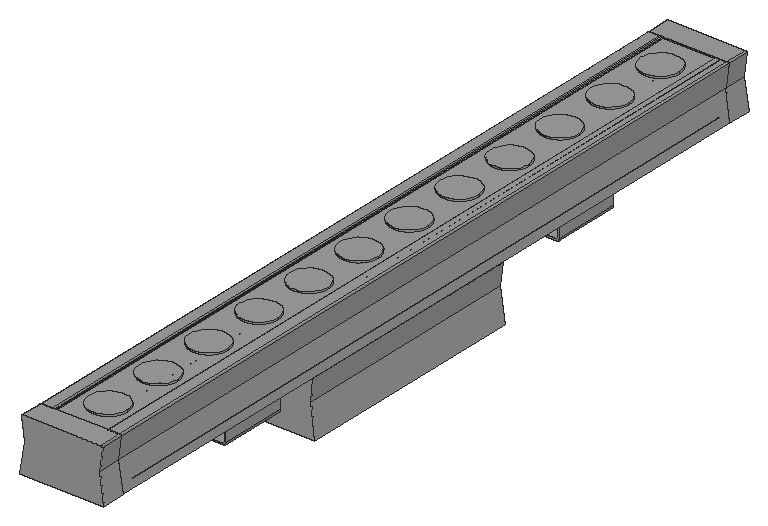
Revit family "SH-1395-40CM", category Lighting Fixtures, Revit 2017
Family settings
  Round Connector Dimension = Use Diameter
  Part Type = Normal
  OmniClass Number = 23.80.70.00
  OmniClass Title = Lighting
  Work Plane-Based = Yes
  Always vertical = No
  Cut with Voids When Loaded = No
  Light Source = No
  Shared = Yes
  Room Calculation Point = No
Parameters (values of type "Sh-1395-12W-40cm(anodized aluminum color-6000K-LED)")
  wattage = 12 W
  instalation = ""
  consumption current = 0.06 A
  color temperature = "6000K"
  color rendering index(CRI) = ""
  Width = 4.2414 cm
  Website = "www.shoaco.com"
  Voltage/Frequency = "230V/50HZ"
  URL = "https://www.shoaco.com/fa/product/%D9%BE%D8%B1%D9%88%DA%98%DA%A9%D8%AA%D9%88%D8%B1-%D9%87%D8%A7/532-%D9%88%D8%A7%D9%84-%D9%88%D8%A7%D8%B4%D8%B1-sh-1395-12LED.html"
  Type medule = "Power LED"
  Protection Class = "Class I"
  Model = "SH-1395-40cm"
  Manufacturer = "SHOA"
  Luminaire Vertical Angle [instance] = 0.00°
  Length = 42.3944 cm
  Lamp = "LED"
  IP = "IP65"
  Height = 7.2291 cm
  Flicker = "Free Flicker"
  Default Elevation = 121.92 cm
  Body color = Anodize color
  Body Material = "Aluminum"
  6000K = yes
  3000K = no
  2000K = no
Types (4, lengths in cm): name | color temperature | 6000K | 3000K | 2000K
  (no name) | "6000K" | yes | no | no
  Sh-1395-12W-40cm(anodized aluminum color-3000K-LED) | "3000K" | no | yes | no
  Sh-1395-12W-40cm(anodized aluminum color-2000K-LED) | "2000K" | no | no | yes
  Sh-1395-12W-40cm(anodized aluminum color-6000K-LED) | "6000K" | yes | no | no
Reference planes (cm)
  plane 1 "Light Source Axis (F/B)": y = 0
  plane 2: z = 0
  plane 3 "Light Source Axis (L/R)": x = 0
  plane 4 "Light Source Elevation": z = 137.16
  plane 5: x = 2.972
  plane 6: x = -1.2694
  plane 7: z = 7.2291
Forms (cm)
  Extrusion 1, solid, not visible
    sketch origin (58.7935, 36.7249, 0) x (1, 0, 0) y (0, 1, 0)
      loop
        line (31.2065, 29.2751) -> (-148.7935, 29.2751) -> (-148.7935, -100.7249) -> (31.2065, -100.7249) -> (31.2065, 29.2751)
    from -8 to 0
Dimensions and locks (cm)
  "Width": plane 6 to plane 5
  "Length": nested 2 to nested 2
  "Height": plane 7 to Extrusion 1
  aligned and locked: level to plane 2
  aligned and locked: level to Extrusion 1
Automatic sketch dimensions
  Extrusion 1 sketch curve to plane 3 "Light Source Axis (L/R)" = 90.0 cm
  plane 3 "Light Source Axis (L/R)" to Extrusion 1 sketch curve = 90.0 cm
  plane 1 "Light Source Axis (F/B)" to Extrusion 1 sketch curve = 64.0 cm
  Extrusion 1 sketch curve to plane 1 "Light Source Axis (F/B)" = 66.0 cm
Nested families (cm)
  nested 1: "1395-12w.ies" at (0.582, 28.1313, 8.1026) x (0, 0, -1) z (0, 1, 0), visible <- "2000K", type "1395-12w-2000K"
  nested 2: "1395-12w" at (0.8438, 30, 3.4063) x (-1, 0, 0) z (0, 0, 1), Body color <- "Body color", Luminaire Vertical Angle <- "Luminaire Vertical Angle", type "1395-12w"
    with Luminaire Vertical Angle 0.00°, Body color Anodize color
  nested 3: "1395-12w.ies" at (0.582, 24.9823, 8.0464) x (0, 0, -1) z (0, 1, 0), visible <- "2000K", type "1395-12w-2000K"
  nested 4: "1395-12w.ies" at (0.582, -8.106, 8.0468) x (0, 0, -1) z (0, 1, 0), visible <- "2000K", type "1395-12w-2000K"
  nested 5: "1395-12w.ies" at (0.582, -4.8839, 8.0575) x (0, 0, -1) z (0, 1, 0), visible <- "2000K", type "1395-12w-2000K"
  nested 6: "1395-12w.ies" at (0.582, -1.5245, 8.073) x (0, 0, -1) z (0, 1, 0), visible <- "2000K", type "1395-12w-2000K"
  nested 7: "1395-12w.ies" at (0.582, 1.6433, 8.056) x (0, 0, -1) z (0, 1, 0), visible <- "2000K", type "1395-12w-2000K"
  nested 8: "1395-12w.ies" at (0.582, 5.0027, 8.0663) x (0, 0, -1) z (0, 1, 0), visible <- "2000K", type "1395-12w-2000K"
  nested 9: "1395-12w.ies" at (0.582, 8.382, 8.0607) x (0, 0, -1) z (0, 1, 0), visible <- "2000K", type "1395-12w-2000K"
  nested 10: "1395-12w.ies" at (0.582, 11.6324, 8.0604) x (0, 0, -1) z (0, 1, 0), visible <- "2000K", type "1395-12w-2000K"
  nested 11: "1395-12w.ies" at (0.582, 14.8987, 8.0777) x (0, 0, -1) z (0, 1, 0), visible <- "2000K", type "1395-12w-2000K"
  nested 12: "1395-12w.ies" at (0.582, 18.2518, 8.0817) x (0, 0, -1) z (0, 1, 0), visible <- "2000K", type "1395-12w-2000K"
  nested 13: "1395-12w.ies" at (0.582, 21.5783, 8.1034) x (0, 0, -1) z (0, 1, 0), visible <- "2000K", type "1395-12w-2000K"
  nested 14: "1395-12w.ies" at (0.5766, 28.1454, 8.1019) x (0, 0, -1) z (0, 1, 0), visible <- "3000K", type "1395-12w-3000K"
  nested 15: "1395-12w.ies" at (0.5766, 24.9965, 8.0457) x (0, 0, -1) z (0, 1, 0), visible <- "3000K", type "1395-12w-3000K"
  nested 16: "1395-12w.ies" at (0.5766, -8.0918, 8.0461) x (0, 0, -1) z (0, 1, 0), visible <- "3000K", type "1395-12w-3000K"
  nested 17: "1395-12w.ies" at (0.5766, -4.8697, 8.0568) x (0, 0, -1) z (0, 1, 0), visible <- "3000K", type "1395-12w-3000K"
  nested 18: "1395-12w.ies" at (0.5766, -1.5103, 8.0723) x (0, 0, -1) z (0, 1, 0), visible <- "3000K", type "1395-12w-3000K"
  nested 19: "1395-12w.ies" at (0.5766, 1.6575, 8.0553) x (0, 0, -1) z (0, 1, 0), visible <- "3000K", type "1395-12w-3000K"
  nested 20: "1395-12w.ies" at (0.5766, 5.0169, 8.0656) x (0, 0, -1) z (0, 1, 0), visible <- "3000K", type "1395-12w-3000K"
  nested 21: "1395-12w.ies" at (0.5766, 8.3962, 8.06) x (0, 0, -1) z (0, 1, 0), visible <- "3000K", type "1395-12w-3000K"
  nested 22: "1395-12w.ies" at (0.5766, 11.6466, 8.0597) x (0, 0, -1) z (0, 1, 0), visible <- "3000K", type "1395-12w-3000K"
  nested 23: "1395-12w.ies" at (0.5766, 14.9129, 8.077) x (0, 0, -1) z (0, 1, 0), visible <- "3000K", type "1395-12w-3000K"
  nested 24: "1395-12w.ies" at (0.5766, 18.266, 8.081) x (0, 0, -1) z (0, 1, 0), visible <- "3000K", type "1395-12w-3000K"
  nested 25: "1395-12w.ies" at (0.5766, 21.5925, 8.1026) x (0, 0, -1) z (0, 1, 0), visible <- "3000K", type "1395-12w-3000K"
  nested 26: "1395-12w.ies" at (0.6035, 28.0726, 8.1281) x (0, 0, -1) z (0, 1, 0), type "1395-12w-6000K", not visible
  nested 27: "1395-12w.ies" at (0.6035, 24.9237, 8.0719) x (0, 0, -1) z (0, 1, 0), type "1395-12w-6000K", not visible
  nested 28: "1395-12w.ies" at (0.6035, -8.1646, 8.0723) x (0, 0, -1) z (0, 1, 0), type "1395-12w-6000K", not visible
  nested 29: "1395-12w.ies" at (0.6035, -4.9425, 8.083) x (0, 0, -1) z (0, 1, 0), type "1395-12w-6000K", not visible
  nested 30: "1395-12w.ies" at (0.6035, -1.5831, 8.0985) x (0, 0, -1) z (0, 1, 0), type "1395-12w-6000K", not visible
  nested 31: "1395-12w.ies" at (0.6035, 1.5847, 8.0815) x (0, 0, -1) z (0, 1, 0), type "1395-12w-6000K", not visible
  nested 32: "1395-12w.ies" at (0.6035, 4.9441, 8.0918) x (0, 0, -1) z (0, 1, 0), type "1395-12w-6000K", not visible
  nested 33: "1395-12w.ies" at (0.6035, 8.3234, 8.0863) x (0, 0, -1) z (0, 1, 0), type "1395-12w-6000K", not visible
  nested 34: "1395-12w.ies" at (0.6035, 11.5738, 8.0859) x (0, 0, -1) z (0, 1, 0), type "1395-12w-6000K", not visible
  nested 35: "1395-12w.ies" at (0.6035, 14.8401, 8.1032) x (0, 0, -1) z (0, 1, 0), type "1395-12w-6000K", not visible
  nested 36: "1395-12w.ies" at (0.6035, 18.1932, 8.1072) x (0, 0, -1) z (0, 1, 0), type "1395-12w-6000K", not visible
  nested 37: "1395-12w.ies" at (0.6035, 21.5197, 8.1289) x (0, 0, -1) z (0, 1, 0), visible <- "6000K", type "1395-12w-6000K"
Connectors (cm)
  electrical at (0.83, 8.9077, 1.3116)
    settings: on nested 2, index 1, voltage 230 V, apparent load 0 VA, apparent load phase1 0 VA, apparent load phase2 0 VA, apparent load phase3 0 VA, power factor 1, load classification "Other", number of poles 1, system type 31, power factor state 1, is connector primary yes, connector utility no, sub classification motor no, connector description ""
Definition of nested family "1395-12w"
  Parameters (values of type "Family1")
    Luminaire Vertical Angle [instance] = 0.00°
    Default Elevation = 121.92 cm
    Body color [instance] = none
  Reference planes (cm)
    plane 1 "Center (Front/Back)": y = 0
    plane 2: z = 0
    plane 3 "Center (Left/Right)": x = 0
  Forms (cm)
    Extrusion 1, solid, material <- "Body color"
      sketch origin (-0.0204, 0, 13.3841) x (0, 0, -1) y (1, 0, 0)
        loop
          line (12.4765, 1.9962) -> (12.4765, 2.2323) -> (10.9107, 2.0099) -> (9.7437, 2.1595)
          arc (9.7437, 2.1595) -> (9.6858, 2.1418) -> (9.6609, 2.0866) r 0.0735
          line (9.6609, 2.0866) -> (9.6609, 1.513)
          arc (9.6609, 1.513) -> (9.6764, 1.4756) -> (9.7139, 1.46) r 0.053
          line (9.7139, 1.46) -> (9.8113, 1.46)
          arc (9.8113, 1.46) -> (9.8539, 1.4777) -> (9.8715, 1.5203) r 0.0603
          line (9.8715, 1.5203) -> (9.8715, 1.607) -> (9.7725, 1.6689) -> (9.7868, 1.7588) -> (10.1865, 1.7588) -> (10.5087, 1.7588)
          arc (10.5087, 1.7588) -> (10.5461, 1.7433) -> (10.5615, 1.706) r 0.0528
          line (10.5615, 1.706) -> (10.5615, 1.5388) -> (10.4215, 1.5388) -> (10.4215, 1.4088) -> (11.7815, 1.4088) -> (11.7815, 1.5388) -> (11.9814, 1.5388)
          arc (11.9814, 1.5388) -> (12.0168, 1.5241) -> (12.0315, 1.4887) r 0.0501
          line (12.0315, 1.4887) -> (12.0315, 0.0388) -> (12.0315, -1.4111)
          arc (12.0315, -1.4111) -> (12.0168, -1.4465) -> (11.9814, -1.4612) r 0.0501
          line (11.9814, -1.4612) -> (11.7815, -1.4612) -> (11.7815, -1.3312) -> (10.4215, -1.3312) -> (10.4215, -1.4612) -> (10.5615, -1.4612) -> (10.5615, -1.6284)
          arc (10.5615, -1.6284) -> (10.5461, -1.6657) -> (10.5087, -1.6812) r 0.0528
          line (10.5087, -1.6812) -> (10.1865, -1.6812) -> (9.7868, -1.6812) -> (9.7725, -1.5913) -> (9.8715, -1.5294) -> (9.8715, -1.4427)
          arc (9.8715, -1.4427) -> (9.8539, -1.4001) -> (9.8113, -1.3824) r 0.0603
          line (9.8113, -1.3824) -> (9.7139, -1.3824)
          arc (9.7139, -1.3824) -> (9.6764, -1.398) -> (9.6609, -1.4355) r 0.053
          line (9.6609, -1.4355) -> (9.6609, -2.009)
          arc (9.6609, -2.009) -> (9.6858, -2.0642) -> (9.7437, -2.0819) r 0.0735
          line (9.7437, -2.0819) -> (10.9107, -1.9323) -> (12.4765, -2.1547) -> (12.4765, -1.9186) -> (12.1715, -1.8753) -> (12.1715, -1.776)
          arc (12.1715, -1.776) -> (12.13, -1.7225) -> (12.0678, -1.7493) r 0.0553
          arc (12.0678, -1.7493) -> (11.9466, -1.8033) -> (11.8616, -1.7014) r 0.11
          arc (11.8616, -1.7014) -> (11.9306, -1.5941) -> (12.0546, -1.6241) r 0.11
          arc (12.0546, -1.6241) -> (12.1282, -1.6428) -> (12.1715, -1.5804) r 0.0666
          line (12.1715, -1.5804) -> (12.1715, -1.4395)
          arc (12.1715, -1.4395) -> (12.1886, -1.3983) -> (12.2298, -1.3812) r 0.0583
          line (12.2298, -1.3812) -> (12.319, -1.3812)
          arc (12.319, -1.3812) -> (12.3567, -1.3968) -> (12.3722, -1.4344) r 0.0532
          line (12.3722, -1.4344) -> (12.3722, -1.5588)
          arc (12.3722, -1.5588) -> (12.4233, -1.6099) -> (12.4744, -1.5588) r 0.0511
          line (12.4744, -1.5588) -> (12.4744, -1.2028)
          arc (12.4744, -1.2028) -> (12.4593, -1.1663) -> (12.4229, -1.1512) r 0.0516
          line (12.4229, -1.1512) -> (12.2115, -1.1512)
          arc (12.2115, -1.1512) -> (12.1515, -1.0912) -> (12.2115, -1.0312) r 0.06
          line (12.2115, -1.0312) -> (12.4303, -1.0312)
          arc (12.4303, -1.0312) -> (12.4753, -0.9862) -> (12.4303, -0.9412) r 0.045
          line (12.4303, -0.9412) -> (12.2115, -0.9412)
          arc (12.2115, -0.9412) -> (12.1515, -0.8812) -> (12.2115, -0.8212) r 0.06
          line (12.2115, -0.8212) -> (12.4381, -0.8212)
          arc (12.4381, -0.8212) -> (12.4831, -0.7762) -> (12.4381, -0.7312) r 0.045
          line (12.4381, -0.7312) -> (12.2115, -0.7312)
          arc (12.2115, -0.7312) -> (12.1515, -0.6712) -> (12.2115, -0.6112) r 0.06
          line (12.2115, -0.6112) -> (12.4303, -0.6112)
          arc (12.4303, -0.6112) -> (12.4753, -0.5662) -> (12.4303, -0.5212) r 0.045
          line (12.4303, -0.5212) -> (12.2115, -0.5212)
          arc (12.2115, -0.5212) -> (12.1515, -0.4612) -> (12.2115, -0.4012) r 0.06
          line (12.2115, -0.4012) -> (12.4217, -0.4012)
          arc (12.4217, -0.4012) -> (12.4585, -0.386) -> (12.4737, -0.3492) r 0.052
          line (12.4737, -0.3492) -> (12.4737, 0.0388) -> (12.4737, 0.4268)
          arc (12.4737, 0.4268) -> (12.4585, 0.4636) -> (12.4217, 0.4788) r 0.052
          line (12.4217, 0.4788) -> (12.2115, 0.4788)
          arc (12.2115, 0.4788) -> (12.1515, 0.5388) -> (12.2115, 0.5988) r 0.06
          line (12.2115, 0.5988) -> (12.4381, 0.5988)
          arc (12.4381, 0.5988) -> (12.4831, 0.6438) -> (12.4381, 0.6888) r 0.045
          line (12.4381, 0.6888) -> (12.2115, 0.6888)
          arc (12.2115, 0.6888) -> (12.1515, 0.7488) -> (12.2115, 0.8088) r 0.06
          line (12.2115, 0.8088) -> (12.4303, 0.8088)
          arc (12.4303, 0.8088) -> (12.4753, 0.8538) -> (12.4303, 0.8988) r 0.045
          line (12.4303, 0.8988) -> (12.2115, 0.8988)
          arc (12.2115, 0.8988) -> (12.1515, 0.9588) -> (12.2115, 1.0188) r 0.06
          line (12.2115, 1.0188) -> (12.4381, 1.0188)
          arc (12.4381, 1.0188) -> (12.4831, 1.0638) -> (12.4381, 1.1088) r 0.045
          line (12.4381, 1.1088) -> (12.2115, 1.1088)
          arc (12.2115, 1.1088) -> (12.1515, 1.1688) -> (12.2115, 1.2288) r 0.06
          line (12.2115, 1.2288) -> (12.4229, 1.2288)
          arc (12.4229, 1.2288) -> (12.4593, 1.2439) -> (12.4744, 1.2804) r 0.0516
          line (12.4744, 1.2804) -> (12.4744, 1.6364)
          arc (12.4744, 1.6364) -> (12.4233, 1.6875) -> (12.3722, 1.6364) r 0.0511
          line (12.3722, 1.6364) -> (12.3722, 1.512)
          arc (12.3722, 1.512) -> (12.3567, 1.4744) -> (12.319, 1.4588) r 0.0532
          line (12.319, 1.4588) -> (12.2298, 1.4588)
          arc (12.2298, 1.4588) -> (12.1886, 1.4759) -> (12.1715, 1.5171) r 0.0583
          line (12.1715, 1.5171) -> (12.1715, 1.658)
          arc (12.1715, 1.658) -> (12.1282, 1.7204) -> (12.0546, 1.7017) r 0.0666
          arc (12.0546, 1.7017) -> (11.9306, 1.6717) -> (11.8616, 1.779) r 0.11
          arc (11.8616, 1.779) -> (11.9466, 1.8809) -> (12.0678, 1.8269) r 0.11
          arc (12.0678, 1.8269) -> (12.13, 1.8001) -> (12.1715, 1.8536) r 0.0553
          line (12.1715, 1.8536) -> (12.1715, 1.9529) -> (12.4821, 1.997)
      from -39.9656 to 0
    Extrusion 2, solid, material <- "Body color"
      sketch origin (-0.0204, 0, 13.3841) x (0, 0, -1) y (1, 0, 0)
        loop
          line (10.4215, -1.4612) -> (10.4215, 1.5388) -> (10.3304, 1.5388) -> (10.3304, -1.4612) -> (10.4215, -1.4612)
      from 0 to -39.9656
    Extrusion 3, solid, material <- "Body color"
      sketch origin (-0.0204, 0, 13.3841) x (0, 0, -1) y (1, 0, 0)
        loop
          arc (9.7437, 2.1558) -> (9.6858, 2.138) -> (9.6609, 2.0828) r 0.0735
          line (9.6609, 2.0828) -> (9.6609, -2.0087)
          arc (9.6609, -2.0087) -> (9.6858, -2.0639) -> (9.7437, -2.0817) r 0.0735
          line (9.7437, -2.0817) -> (10.8963, -1.9339) -> (12.4833, -2.1593) -> (12.4833, 2.2277) -> (10.9173, 2.0053) -> (9.7437, 2.1558)
      from 0 to 1.2046
    Extrusion 4, solid, material <- "Body color"
      sketch origin (-0.0204, 0, 13.3841) x (0, 0, -1) y (1, 0, 0)
        loop
          line (9.6609, 2.0866) -> (9.6609, -2.009)
          arc (9.6609, -2.009) -> (9.6858, -2.0642) -> (9.7437, -2.0819) r 0.0735
          line (9.7437, -2.0819) -> (10.9107, -1.9323) -> (12.4833, -2.1557) -> (12.4833, 2.2333) -> (10.9107, 2.0099) -> (9.7437, 2.1595)
          arc (9.7437, 2.1595) -> (9.6858, 2.1418) -> (9.6609, 2.0866) r 0.0735
      from -41.1898 to -39.9656
    Extrusion 5, solid, material <- "Body color"
      sketch origin (-0.0204, 0, 13.3841) x (0, 0, -1) y (1, 0, 0)
        loop
          line (9.7139, 1.46) -> (9.7139, -1.3824) -> (9.8113, -1.3824) -> (9.8113, 1.46) -> (9.7139, 1.46)
      from 0 to -39.9656
    Extrusion 6, solid
      sketch origin (-2.0817, 30.2045, 3.7232) x (1, 0, 0) y (0, 1, 0)
        loop
          circle (2.0475, 8.0119) r 1
      from -0.3052 to 0.0069
    Extrusion 7, solid
      sketch origin (-2.0817, 26.9056, 3.7232) x (1, 0, 0) y (0, 1, 0)
        loop
          circle (2.0475, 8.0119) r 1
      from -0.3052 to 0.0069
    Extrusion 8, solid
      sketch origin (-2.0817, 23.6027, 3.7232) x (1, 0, 0) y (0, 1, 0)
        loop
          circle (2.0475, 8.0119) r 1
      from -0.3052 to 0.0069
    Extrusion 9, solid
      sketch origin (-2.0817, 20.3025, 3.7232) x (1, 0, 0) y (0, 1, 0)
        loop
          circle (2.0475, 8.0119) r 1
      from -0.3052 to 0.0069
    Extrusion 10, solid
      sketch origin (-2.0817, 17.0043, 3.7232) x (1, 0, 0) y (0, 1, 0)
        loop
          circle (2.0475, 8.0119) r 1
      from -0.3052 to 0.0069
    Extrusion 11, solid
      sketch origin (-2.0817, 13.7061, 3.7232) x (1, 0, 0) y (0, 1, 0)
        loop
          circle (2.0475, 8.0119) r 1
      from -0.3052 to 0.0069
    Extrusion 12, solid
      sketch origin (-2.0817, 10.4041, 3.7232) x (1, 0, 0) y (0, 1, 0)
        loop
          circle (2.0475, 8.0119) r 1
      from -0.3052 to 0.0069
    Extrusion 13, solid
      sketch origin (-2.0817, 7.1039, 3.7232) x (1, 0, 0) y (0, 1, 0)
        loop
          circle (2.0475, 8.0119) r 1
      from -0.3052 to 0.0069
    Extrusion 14, solid
      sketch origin (-2.0817, 3.8038, 3.7232) x (1, 0, 0) y (0, 1, 0)
        loop
          circle (2.0475, 8.0119) r 1
      from -0.3052 to 0.0069
    Extrusion 15, solid
      sketch origin (-2.0817, 0.5037, 3.7232) x (1, 0, 0) y (0, 1, 0)
        loop
          circle (2.0475, 8.0119) r 1
      from -0.3052 to 0.0069
    Extrusion 16, solid
      sketch origin (-2.0817, -2.7995, 3.7232) x (1, 0, 0) y (0, 1, 0)
        loop
          circle (2.0475, 8.0119) r 1
      from -0.3052 to 0.0069
    Extrusion 17, solid
      sketch origin (-2.0817, -6.1002, 3.7232) x (1, 0, 0) y (0, 1, 0)
        loop
          circle (2.0475, 8.0119) r 1
      from -0.3052 to 0.0069
    Extrusion 18, solid, material <- "Body color"
      sketch origin (0.0108, 0, 13.0403) x (0, 0, -1) y (1, 0, 0)
        loop
          line (11.9766, -1.5373) -> (11.8966, -1.5373) -> (11.8966, -1.7172)
          arc (11.8966, -1.7172) -> (11.9352, -1.8104) -> (12.0284, -1.849) r 0.1318
          line (12.0284, -1.849) -> (12.9924, -1.849)
          arc (12.9924, -1.849) -> (13.0854, -1.8105) -> (13.1239, -1.7175) r 0.1315
          line (13.1239, -1.7175) -> (13.1239, -0.2396)
          arc (13.1239, -0.2396) -> (13.2737, -0.1536) -> (13.3555, -0.0016) r 0.3148
          arc (13.3555, -0.0016) -> (13.2737, 0.1504) -> (13.1239, 0.2364) r 0.3148
          line (13.1239, 0.2364) -> (13.1239, 1.6752)
          arc (13.1239, 1.6752) -> (13.0854, 1.7682) -> (12.9924, 1.8067) r 0.1315
          line (12.9924, 1.8067) -> (12.0284, 1.8067)
          arc (12.0284, 1.8067) -> (11.9352, 1.7681) -> (11.8966, 1.6749) r 0.1318
          line (11.8966, 1.6749) -> (11.8966, 1.5373) -> (11.9766, 1.5373) -> (11.9766, 1.6749)
          arc (11.9766, 1.6749) -> (11.9918, 1.7115) -> (12.0284, 1.7267) r 0.0518
          line (12.0284, 1.7267) -> (12.9924, 1.7267)
          arc (12.9924, 1.7267) -> (13.0289, 1.7116) -> (13.0439, 1.6752) r 0.0515
          line (13.0439, 1.6752) -> (13.0439, 0.2207)
          arc (13.0439, 0.2207) -> (13.0577, 0.1823) -> (13.0928, 0.1614) r 0.0604
          arc (13.0928, 0.1614) -> (13.2056, 0.105) -> (13.2729, -0.0016) r 0.2348
          arc (13.2729, -0.0016) -> (13.2056, -0.1082) -> (13.0928, -0.1646) r 0.2348
          arc (13.0928, -0.1646) -> (13.0577, -0.1855) -> (13.0439, -0.2239) r 0.0604
          line (13.0439, -0.2239) -> (13.0439, -1.7175)
          arc (13.0439, -1.7175) -> (13.0289, -1.754) -> (12.9924, -1.769) r 0.0515
          line (12.9924, -1.769) -> (12.0284, -1.769)
          arc (12.0284, -1.769) -> (11.9918, -1.7539) -> (11.9766, -1.7172) r 0.0518
          line (11.9766, -1.7172) -> (11.9766, -1.5373)
      from -10.7884 to -7.2801
    Extrusion 19, solid, material <- "Body color"
      sketch origin (0.0108, 0, 13.0403) x (0, 0, -1) y (1, 0, 0)
        loop
          line (11.9766, -1.5373) -> (11.8966, -1.5373) -> (11.8966, -1.7172)
          arc (11.8966, -1.7172) -> (11.9352, -1.8104) -> (12.0284, -1.849) r 0.1318
          line (12.0284, -1.849) -> (12.9947, -1.849)
          arc (12.9947, -1.849) -> (13.0877, -1.8105) -> (13.1262, -1.7175) r 0.1315
          line (13.1262, -1.7175) -> (13.1262, -0.238)
          arc (13.1262, -0.238) -> (13.276, -0.152) -> (13.3578, 0) r 0.3148
          arc (13.3578, 0) -> (13.276, 0.152) -> (13.1262, 0.238) r 0.3148
          line (13.1262, 0.238) -> (13.1262, 1.6752)
          arc (13.1262, 1.6752) -> (13.0877, 1.7682) -> (12.9947, 1.8067) r 0.1315
          line (12.9947, 1.8067) -> (12.0284, 1.8067)
          arc (12.0284, 1.8067) -> (11.9352, 1.7681) -> (11.8966, 1.6749) r 0.1318
          line (11.8966, 1.6749) -> (11.8966, 1.5373) -> (11.9766, 1.5373) -> (11.9766, 1.6749)
          arc (11.9766, 1.6749) -> (11.9918, 1.7115) -> (12.0284, 1.7267) r 0.0518
          line (12.0284, 1.7267) -> (12.9947, 1.7267)
          arc (12.9947, 1.7267) -> (13.0312, 1.7116) -> (13.0462, 1.6752) r 0.0515
          line (13.0462, 1.6752) -> (13.0462, 0.2223)
          arc (13.0462, 0.2223) -> (13.06, 0.1839) -> (13.0951, 0.163) r 0.0604
          arc (13.0951, 0.163) -> (13.2079, 0.1066) -> (13.2752, 0) r 0.2348
          arc (13.2752, 0) -> (13.2079, -0.1066) -> (13.0951, -0.163) r 0.2348
          arc (13.0951, -0.163) -> (13.06, -0.1839) -> (13.0462, -0.2223) r 0.0604
          line (13.0462, -0.2223) -> (13.0462, -1.7175)
          arc (13.0462, -1.7175) -> (13.0312, -1.754) -> (12.9947, -1.769) r 0.0515
          line (12.9947, -1.769) -> (12.0284, -1.769)
          arc (12.0284, -1.769) -> (11.9918, -1.7539) -> (11.9766, -1.7172) r 0.0518
          line (11.9766, -1.7172) -> (11.9766, -1.5373)
      from -32.7269 to -29.1816
    Extrusion 20, solid, not visible
      sketch origin (0, 0, 0) x (1, 0, 0) y (0, 1, 0)
        loop
          line (50, 70.5415) -> (-50, 70.5415) -> (-50, -41.4585) -> (50, -41.4585) -> (50, 70.5415)
      from 0 to -7.867
    Extrusion 21, solid, material <- "Body color"
      sketch origin (0.0108, 0, 12.4153) x (0, 0, -1) y (1, 0, 0)
        loop
          line (11.5049, 2.0516) -> (11.5049, -2.04)
          arc (11.5049, -2.04) -> (11.5299, -2.0952) -> (11.5878, -2.1129) r 0.0735
          line (11.5878, -2.1129) -> (12.7404, -1.9651) -> (14.5099, -2.2165) -> (14.5099, 2.2224) -> (12.7614, 1.974) -> (11.5878, 2.1245)
          arc (11.5878, 2.1245) -> (11.5299, 2.1068) -> (11.5049, 2.0516) r 0.0735
      from -27.3194 to -14.8652
  Lines and regions (cm)
    reference lines
      curve 1: line (12.515, 0, 0) -> (0, 0, 0)
  Dimensions and locks (cm)
    Extrusion 19 to Extrusion 18 sketch curve = 1.4589 cm
    "Luminaire Vertical Angle": angle level to curve 1
    aligned and locked: plane 2 to level
    aligned and locked: plane 2 to curve 1
    aligned and locked: level to Extrusion 20
    aligned and locked: plane 2 to Extrusion 20
  Automatic sketch dimensions
    Extrusion 20 sketch curve to plane 3 "Center (Left/Right)" = 50.0 cm
    plane 3 "Center (Left/Right)" to Extrusion 20 sketch curve = 50.0 cm
    plane 1 "Center (Front/Back)" to Extrusion 20 sketch curve = 41.4585 cm
    Extrusion 20 sketch curve to plane 1 "Center (Front/Back)" = 70.5415 cm
    Extrusion 1 sketch curve to Extrusion 1 sketch curve = 0.0 cm  (x12)
    Extrusion 1 sketch curve to curve 1 = 3.7232 cm
    curve 1 to Extrusion 1 sketch curve = 3.7232 cm
    Extrusion 1 sketch curve to Extrusion 1 sketch curve = 0.053 cm  (x2)
    Extrusion 1 sketch curve to Extrusion 1 sketch curve = 0.0735 cm  (x2)
    Extrusion 1 sketch curve to Extrusion 1 sketch curve = 0.0093 cm  (x2)
    Extrusion 1 sketch curve to Extrusion 1 sketch curve = 0.0587 cm  (x2)
    Extrusion 1 sketch curve to Extrusion 1 sketch curve = 0.0142 cm  (x2)
    Extrusion 1 sketch curve to Extrusion 1 sketch curve = 0.0974 cm  (x2)
    Extrusion 1 sketch curve to Extrusion 1 sketch curve = 0.0603 cm  (x2)
    Extrusion 1 sketch curve to Extrusion 1 sketch curve = 0.315 cm  (x2)
    Extrusion 1 sketch curve to Extrusion 1 sketch curve = 0.235 cm  (x2)
    Extrusion 1 sketch curve to Extrusion 1 sketch curve = 0.0872 cm  (x2)
    Extrusion 1 sketch curve to Extrusion 1 sketch curve = 0.14 cm  (x2)
    Extrusion 1 sketch curve to Extrusion 1 sketch curve = 0.0528 cm
    Extrusion 1 sketch curve to Extrusion 1 sketch curve = 0.3492 cm  (x2)
    curve 1 to Extrusion 1 sketch curve = 1.6026 cm
    Extrusion 1 sketch curve to curve 1 = 1.6026 cm
    Extrusion 1 sketch curve to Extrusion 1 sketch curve = 0.19 cm  (x2)
    Extrusion 1 sketch curve to Extrusion 1 sketch curve = 0.1999 cm  (x2)
    Extrusion 1 sketch curve to Extrusion 1 sketch curve = 0.0501 cm
    Extrusion 1 sketch curve to Extrusion 1 sketch curve = 0.1235 cm  (x2)
    Extrusion 1 sketch curve to Extrusion 1 sketch curve = 0.1447 cm  (x2)
    Extrusion 1 sketch curve to Extrusion 1 sketch curve = 0.0666 cm
    Extrusion 1 sketch curve to Extrusion 1 sketch curve = 0.0553 cm  (x2)
    Extrusion 1 sketch curve to curve 1 = 1.1726 cm  (x2)
    Extrusion 1 sketch curve to Extrusion 1 sketch curve = 0.04 cm
    Extrusion 1 sketch curve to Extrusion 1 sketch curve = 0.0583 cm  (x2)
    Extrusion 1 sketch curve to Extrusion 1 sketch curve = 0.0892 cm  (x2)
    Extrusion 1 sketch curve to Extrusion 1 sketch curve = 0.0532 cm  (x2)
    curve 1 to Extrusion 1 sketch curve = 0.9624 cm  (x2)
    curve 1 to Extrusion 1 sketch curve = 0.9612 cm  (x2)
    Extrusion 1 sketch curve to Extrusion 1 sketch curve = 0.0511 cm  (x2)
    Extrusion 1 sketch curve to Extrusion 1 sketch curve = 0.0086 cm
    Extrusion 1 sketch curve to curve 1 = 0.9538 cm
    curve 1 to Extrusion 1 sketch curve = 0.9538 cm
    Extrusion 1 sketch curve to curve 1 = 0.946 cm
    Extrusion 1 sketch curve to Extrusion 1 sketch curve = 0.0078 cm
    curve 1 to Extrusion 1 sketch curve = 0.946 cm
    curve 1 to Extrusion 1 sketch curve = 0.9104 cm
    curve 1 to Extrusion 1 sketch curve = 0.9076 cm  (x2)
    Extrusion 1 sketch curve to curve 1 = 2.1751 cm
    Extrusion 1 sketch curve to curve 1 = 2.1023 cm
    Extrusion 1 sketch curve to curve 1 = 1.9527 cm
    Extrusion 1 sketch curve to Extrusion 1 sketch curve = 0.236 cm  (x2)
    Extrusion 1 sketch curve to Extrusion 1 sketch curve = 0.0433 cm
    Extrusion 1 sketch curve to Extrusion 1 sketch curve = 0.0993 cm  (x2)
    Extrusion 1 sketch curve to Extrusion 1 sketch curve = 0.0798 cm
    Extrusion 1 sketch curve to Extrusion 1 sketch curve = 0.3278 cm  (x2)
    Extrusion 1 sketch curve to Extrusion 1 sketch curve = 0.0899 cm
    Extrusion 1 sketch curve to Extrusion 1 sketch curve = 0.1956 cm
    Extrusion 1 sketch curve to Extrusion 1 sketch curve = 0.0216 cm
    Extrusion 1 sketch curve to Extrusion 1 sketch curve = 0.0618 cm  (x2)
    Extrusion 1 sketch curve to Extrusion 1 sketch curve = 0.1672 cm  (x2)
    Extrusion 1 sketch curve to Extrusion 1 sketch curve = 0.1192 cm
    Extrusion 1 sketch curve to Extrusion 1 sketch curve = 0.0867 cm  (x2)
    Extrusion 1 sketch curve to Extrusion 1 sketch curve = 0.1409 cm  (x2)
    Extrusion 1 sketch curve to Extrusion 1 sketch curve = 0.13 cm  (x2)
    Extrusion 1 sketch curve to Extrusion 1 sketch curve = 0.1784 cm  (x2)
    Extrusion 1 sketch curve to Extrusion 1 sketch curve = 0.06 cm  (x7)
    Extrusion 1 sketch curve to Extrusion 1 sketch curve = 0.045 cm  (x6)
    Extrusion 1 sketch curve to curve 1 = 0.9016 cm
    Extrusion 1 sketch curve to Extrusion 1 sketch curve = 0.388 cm  (x2)
    Extrusion 1 sketch curve to Extrusion 1 sketch curve = 0.18 cm
    Extrusion 1 sketch curve to Extrusion 1 sketch curve = 0.0512 cm
    Extrusion 1 sketch curve to Extrusion 1 sketch curve = 0.0284 cm
    Extrusion 1 sketch curve to Extrusion 1 sketch curve = 0.1244 cm
    Extrusion 1 sketch curve to Extrusion 1 sketch curve = 0.1158 cm
    Extrusion 1 sketch curve to Extrusion 1 sketch curve = 0.1519 cm
    Extrusion 1 sketch curve to Extrusion 1 sketch curve = 0.3039 cm
    Extrusion 1 sketch curve to Extrusion 1 sketch curve = 0.2794 cm
    Extrusion 1 sketch curve to Extrusion 1 sketch curve = 0.1099 cm  (x2)
    Extrusion 1 sketch curve to Extrusion 1 sketch curve = 0.0056 cm
    Extrusion 2 sketch curve to curve 1 = 3.0537 cm
    Extrusion 2 sketch curve to Extrusion 2 sketch curve = 0.0911 cm
    Extrusion 2 sketch curve to curve 1 = 1.4816 cm
    curve 1 to Extrusion 2 sketch curve = 1.5184 cm
    Extrusion 3 sketch curve to curve 1 = 3.7232 cm
    Extrusion 3 sketch curve to Extrusion 3 sketch curve = 0.0735 cm  (x2)
    Extrusion 3 sketch curve to Extrusion 3 sketch curve = 0.0093 cm  (x2)
    Extrusion 3 sketch curve to curve 1 = 2.4877 cm
    Extrusion 3 sketch curve to Extrusion 3 sketch curve = 1.1736 cm
    curve 1 to Extrusion 3 sketch curve = 0.9008 cm
    Extrusion 3 sketch curve to curve 1 = 2.1797 cm
    Extrusion 3 sketch curve to curve 1 = 2.1021 cm
    Extrusion 3 sketch curve to curve 1 = 1.9543 cm
    curve 1 to Extrusion 3 sketch curve = 1.9849 cm
    Extrusion 3 sketch curve to Extrusion 3 sketch curve = 0.0775 cm
    Extrusion 3 sketch curve to Extrusion 3 sketch curve = 0.2224 cm
    Extrusion 4 sketch curve to curve 1 = 3.7232 cm
    Extrusion 4 sketch curve to Extrusion 4 sketch curve = 0.0735 cm  (x2)
    Extrusion 4 sketch curve to Extrusion 4 sketch curve = 0.0093 cm  (x2)
    Extrusion 4 sketch curve to Extrusion 4 sketch curve = 1.1669 cm
    Extrusion 4 sketch curve to curve 1 = 2.4734 cm
    curve 1 to Extrusion 4 sketch curve = 0.9008 cm
    Extrusion 4 sketch curve to curve 1 = 2.1761 cm
    Extrusion 4 sketch curve to curve 1 = 2.1023 cm
    Extrusion 4 sketch curve to curve 1 = 1.9527 cm
    curve 1 to Extrusion 4 sketch curve = 1.9894 cm
    Extrusion 4 sketch curve to Extrusion 4 sketch curve = 0.0767 cm
    Extrusion 4 sketch curve to Extrusion 4 sketch curve = 0.2234 cm
    Extrusion 5 sketch curve to curve 1 = 3.6702 cm
    Extrusion 5 sketch curve to Extrusion 5 sketch curve = 0.0974 cm
    Extrusion 5 sketch curve to curve 1 = 1.4029 cm
    curve 1 to Extrusion 5 sketch curve = 1.4396 cm
    Extrusion 3 to Extrusion 6 sketch curve = 1.995 cm
    Extrusion 6 sketch curve to Extrusion 3 = 38.2164 cm
    Extrusion 3 to Extrusion 7 sketch curve = 1.995 cm
    Extrusion 7 sketch curve to Extrusion 3 = 34.9175 cm
    Extrusion 3 to Extrusion 8 sketch curve = 1.995 cm
    Extrusion 8 sketch curve to Extrusion 3 = 31.6145 cm
    Extrusion 3 to Extrusion 9 sketch curve = 1.995 cm
    Extrusion 9 sketch curve to Extrusion 3 = 28.3143 cm
    Extrusion 3 to Extrusion 10 sketch curve = 1.995 cm
    Extrusion 10 sketch curve to Extrusion 3 = 25.0162 cm
    Extrusion 3 to Extrusion 11 sketch curve = 1.995 cm
    Extrusion 11 sketch curve to Extrusion 3 = 21.718 cm
    Extrusion 3 to Extrusion 12 sketch curve = 1.995 cm
    Extrusion 12 sketch curve to Extrusion 3 = 18.4159 cm
    Extrusion 3 to Extrusion 13 sketch curve = 1.995 cm
    Extrusion 13 sketch curve to Extrusion 3 = 15.1158 cm
    Extrusion 3 to Extrusion 14 sketch curve = 1.995 cm
    Extrusion 14 sketch curve to Extrusion 3 = 11.8157 cm
    Extrusion 3 to Extrusion 15 sketch curve = 1.995 cm
    Extrusion 15 sketch curve to Extrusion 3 = 8.5155 cm
    Extrusion 3 to Extrusion 16 sketch curve = 1.995 cm
    Extrusion 16 sketch curve to Extrusion 3 = 5.2124 cm
    Extrusion 3 to Extrusion 17 sketch curve = 1.995 cm
    Extrusion 17 sketch curve to Extrusion 3 = 1.9117 cm
    Extrusion 18 sketch curve to Extrusion 18 sketch curve = 0.0 cm  (x14)
    Extrusion 18 sketch curve to Extrusion 18 sketch curve = 0.2316 cm  (x2)
    Extrusion 18 sketch curve to Extrusion 18 sketch curve = 0.0196 cm  (x2)
    Extrusion 18 sketch curve to Extrusion 18 sketch curve = 0.0564 cm
    Extrusion 18 sketch curve to Extrusion 18 sketch curve = 0.0604 cm  (x2)
    Extrusion 18 sketch curve to Extrusion 18 sketch curve = 0.0515 cm  (x2)
    curve 1 to Extrusion 18 sketch curve = 1.0119 cm  (x2)
    Extrusion 18 sketch curve to Extrusion 18 sketch curve = 0.0518 cm  (x2)
    Extrusion 18 sketch curve to curve 1 = 1.8382 cm
    Extrusion 18 sketch curve to Extrusion 18 sketch curve = 0.18 cm
    Extrusion 18 sketch curve to curve 1 = 0.2288 cm
    Extrusion 18 sketch curve to Extrusion 18 sketch curve = 0.0157 cm  (x2)
    Extrusion 18 sketch curve to Extrusion 18 sketch curve = 0.1548 cm
    Extrusion 18 sketch curve to Extrusion 18 sketch curve = 0.135 cm
    Extrusion 18 sketch curve to Extrusion 18 sketch curve = 1.3166 cm
    Extrusion 18 sketch curve to Extrusion 18 sketch curve = 0.1376 cm
    Extrusion 18 sketch curve to Extrusion 18 sketch curve = 0.0826 cm
    Extrusion 19 sketch curve to Extrusion 19 sketch curve = 0.0 cm  (x15)
    curve 1 to Extrusion 19 sketch curve = 1.1437 cm  (x2)
    Extrusion 19 sketch curve to Extrusion 19 sketch curve = 0.08 cm  (x2)
    Extrusion 19 sketch curve to Extrusion 19 sketch curve = 0.0518 cm  (x2)
    curve 1 to Extrusion 19 sketch curve = 0.0456 cm  (x2)
    Extrusion 19 sketch curve to Extrusion 19 sketch curve = 0.0515 cm  (x2)
    Extrusion 19 sketch curve to Extrusion 19 sketch curve = 0.0041 cm
    Extrusion 19 sketch curve to Extrusion 19 sketch curve = 0.0196 cm  (x2)
    Extrusion 19 sketch curve to curve 1 = 1.8382 cm
    Extrusion 19 sketch curve to Extrusion 19 sketch curve = 0.18 cm
    Extrusion 19 sketch curve to curve 1 = 0.2272 cm
    Extrusion 19 sketch curve to Extrusion 19 sketch curve = 0.0157 cm  (x2)
    Extrusion 19 sketch curve to Extrusion 19 sketch curve = 0.1548 cm  (x2)
    Extrusion 19 sketch curve to Extrusion 19 sketch curve = 0.135 cm
    Extrusion 19 sketch curve to Extrusion 19 sketch curve = 1.315 cm
    Extrusion 19 sketch curve to Extrusion 19 sketch curve = 0.1376 cm
    curve 1 to Extrusion 21 sketch curve = 0.9104 cm
    curve 1 to Extrusion 21 sketch curve = 0.8368 cm  (x2)
    curve 1 to Extrusion 21 sketch curve = 0.8275 cm  (x2)
    curve 1 to Extrusion 21 sketch curve = 0.3251 cm
    Extrusion 21 sketch curve to curve 1 = 0.3461 cm
    Extrusion 21 sketch curve to Extrusion 21 sketch curve = 1.7485 cm
    Extrusion 21 sketch curve to curve 1 = 2.2057 cm
    Extrusion 21 sketch curve to curve 1 = 2.1021 cm
    Extrusion 21 sketch curve to curve 1 = 1.9543 cm
    curve 1 to Extrusion 21 sketch curve = 1.9849 cm
    Extrusion 21 sketch curve to Extrusion 21 sketch curve = 0.0775 cm
    Extrusion 21 sketch curve to Extrusion 21 sketch curve = 0.2484 cm
    curve 1 to plane 3 "Center (Left/Right)" = 0.0 cm
    radius of Extrusion 6 sketch curve = 1.0 cm
    radius of Extrusion 7 sketch curve = 1.0 cm
    radius of Extrusion 8 sketch curve = 1.0 cm
    radius of Extrusion 9 sketch curve = 1.0 cm
    radius of Extrusion 10 sketch curve = 1.0 cm
    radius of Extrusion 11 sketch curve = 1.0 cm
    radius of Extrusion 12 sketch curve = 1.0 cm
    radius of Extrusion 13 sketch curve = 1.0 cm
    radius of Extrusion 14 sketch curve = 1.0 cm
    radius of Extrusion 15 sketch curve = 1.0 cm
    radius of Extrusion 16 sketch curve = 1.0 cm
    radius of Extrusion 17 sketch curve = 1.0 cm
Definition of nested family "1395-12w.ies"
  Parameters (values of type "2000K")
    Wattage = 0.78631 W
    built-in parameter 1150110 = 1 (stored number, unit not read)
    built-in parameter 1114217 = 1 (stored number, unit not read)
    Tilt Angle = 90.00°
    built-in parameter 1150109 = 1 (stored number, unit not read)
    built-in parameter 1150134 = (empty or 0)
    built-in parameter 1150113 = 1 (stored number, unit not read)
    Photometric Web File = "SH 1395-40CM.ies"
    Lumens = 116.8 lm
    built-in parameter 1150115 = 1 (stored number, unit not read)
    built-in parameter 1150105 = 571.06 (stored number, unit not read)
    built-in parameter 1150137 = (empty or 0)
    built-in parameter 1150139 = (empty or 0)
    built-in parameter 1150112 = 1 (stored number, unit not read)
    built-in parameter 1150114 = 1 (stored number, unit not read)
    built-in parameter 1150132 = 2
    built-in parameter 1150102 = (empty or 0)
    built-in parameter 1150138 = (empty or 0)
    built-in parameter 1150107 = 2000 (stored number, unit not read)
    built-in parameter 1150106 = 5.7106 (stored number, unit not read)
    built-in parameter 1150104 = 13.8 (stored number, unit not read)
    Dimming Lamp Color Temperature Shift = (empty or 0)
    Default Elevation = 121.92 cm
    Color Filter = 16777215
    built-in parameter 1114218 = 1 (stored number, unit not read)
    built-in parameter 1150133 = 10 (stored number, unit not read)
  Types (4, lengths in cm): name | built-in parameter 1150134 | built-in parameter 1150107
    (no name) | (empty or 0) | 2000 (stored number, unit not read)
    2000K | (empty or 0) | 2000 (stored number, unit not read)
    3000K | (empty or 0) | 3000 (stored number, unit not read)
    6500K | 1 | 6500 (stored number, unit not read)
  Reference planes (cm)
    plane 1 "Light Source Axis (F/B)": y = 0
    plane 2: z = 0
    plane 3 "Light Source Axis (L/R)": x = 0
    plane 4 "Light Source Elevation": z = 0
  Dimensions and locks (cm)
    aligned and locked: plane 1 "Light Source Axis (F/B)" to imposter light
    aligned and locked: level to plane 2
    aligned and locked: plane 4 "Light Source Elevation" to level
